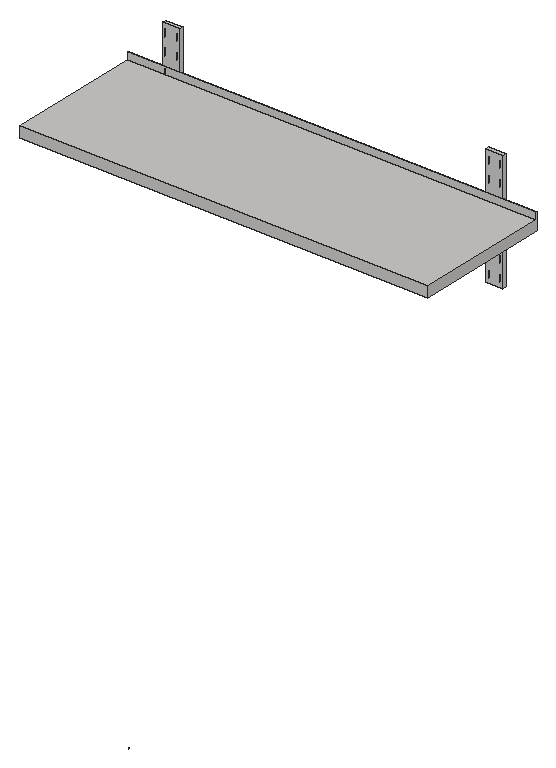
Revit family "QF_ELECTROLUXPROFESSIONAL_134149_GGWSS124", category Attrezzature speciali, Revit 2020
Family settings
  Quota connettore circolare = Usa diametro
  Tipo di parte = Normale
  Basato su piano di lavoro = No
  Sempre verticale = Sì
  Taglio con vuoti quando caricato = No
  Condiviso = No
  Punto di calcolo locali = No
Parameters (values of type "Standard")
  Weight = 7.00 kg
  Watts = 0 W
  Volts = 0 V
  URL Manufacturer = "https://www.electroluxprofessional.com/"
  URL = "https://www.electroluxprofessional.com/"
  Steam Supply Size = 0 mm
  Steam Supply Minimum Pressure = 0.0 Pa
  Steam Supply Maximum Pressure = 0.0 Pa
  Steam Consumption per Hour = 0
  Refrigeration Suction Line Size = 0.0 mm
  Refrigeration Liquid Line Size = 0.0 mm
  Refrigerant Compressor Remote = yes
  Prospetto di default = 0.0 mm
  Phase = 0
  Modello = "GGWSS124"
  Produttore = "Electrolux Professional"
  Length Actual = 1200.0 mm  # constant formula
  Item Number = "134149"
  Hot Water Size = 0 mm
  Height Actual = 350.0 mm  # constant formula
  HP = "0 HP"
  Gas Size = 0 mm
  Gas KW = 0
  Gas Input Pressure = 0 W
  Direct Waste Size = 0 mm
  Descrizione = "SOLID WALL SHELF WITH BRACKETS 1200 MM"
  Depth Actual = 415.0 mm  # constant formula
  Cycle = 0 Hz
  Condensate Return Size = 0 mm
  Compressed Air Volume = 0.0 L/s
  Compressed Air Size = 0 mm
  Compressed Air Pressure = 0.0 Pa
  Cold Water Size = 0 mm
  Accessory = yes
Reference planes
  plane 1 "Center (Front/Back)": y = 0
  plane 2: z = 0
  plane 3 "Center (Left/Right)": x = 0
  plane 4 "LEFT": x = -600
  plane 5 "RIGHT": x = 600
  plane 6 "BACK": y = 65
  plane 7 "FRONT": y = -350
  plane 8 "TOP": z = 1948
  plane 9 "base": z = 1598
  plane 10 "Ztop": z = 1815
  plane 11: x = -500
  plane 12: x = 500
Forms (mm)
  Extrusion 1, solid, material "QF_Finishes_Stainless Steel"
    sketch origin (0, 0, 0) x (0, 1, 0) y (0, 0, 1)
      loop
        line (53, 1785) -> (53, 1835) -> (51, 1835) -> (51, 1815) -> (-347.004, 1815) -> (-347.004, 1785) -> (53, 1785)
    from 600 to -600
  Extrusion 2, solid, material "QF_Finishes_Stainless Steel"
    sketch origin (0, 0, 0) x (1, 0, 0) y (0, 1, 0)
      loop
        line (-600, 53) -> (-600, 52) -> (-598.993, 52) -> (-598.993, 53) -> (-600, 53)
    from 0 to 1
Lines and regions (mm)
  symbolic lines
    curve 1: line (-600, 53, 1948) -> (-600, -347.004, 1948)
    curve 2: line (600, 53, 1948) -> (600, -347.004, 1948)
    curve 3: line (-600, 51, 1948) -> (600, 51, 1948)
    curve 4: line (600, 53, 1948) -> (-600, 53, 1948)
    curve 5: line (-600, -347.004, 1948) -> (600, -347.004, 1948)
Dimensions and locks
  plane 4 "LEFT" to plane 5 "RIGHT" = 1200.0 mm
  equal spacing: plane 4 "LEFT", plane 3 "Center (Left/Right)", plane 5 "RIGHT"
  plane 6 "BACK" to plane 7 "FRONT" = 415.0 mm
  plane 6 "BACK" to plane 1 "Center (Front/Back)" to plane 7 "FRONT" = 65.0 mm, 350.0 mm
  locked: plane 8 "TOP" to plane 9 "base" at 350
  plane 10 "Ztop" to level = 1815.0 mm
  locked: plane 10 "Ztop" to plane 8 "TOP" at 133
  locked: plane 11 to plane 4 "LEFT" at 100
  locked: plane 5 "RIGHT" to plane 12 at 100
  aligned and locked: level to plane 2
  aligned and locked: Extrusion 1 to plane 4 "LEFT"
  aligned and locked: plane 5 "RIGHT" to Extrusion 1
  aligned and locked: nested 1 to plane 11
  aligned and locked: plane 12 to nested 2
  aligned and locked: curve 3 to Extrusion 1
  aligned and locked: curve 4 to Extrusion 1
  aligned and locked: curve 5 to Extrusion 1
Automatic sketch dimensions
  plane 7 "FRONT" to Extrusion 1 sketch curve = 2.996 mm
  plane 10 "Ztop" to Extrusion 1 sketch curve = 30.0 mm
  Extrusion 1 sketch curve to plane 10 "Ztop" = 20.0 mm
  Extrusion 1 sketch curve to Extrusion 1 sketch curve = 2.0 mm
  plane 10 "Ztop" to Extrusion 1 sketch curve = 0.0 mm
  Extrusion 1 sketch curve to plane 6 "BACK" = 12.0 mm
  curve 2 to plane 5 "RIGHT" = 0.0 mm
  curve 1 to plane 4 "LEFT" = 0.0 mm
  Extrusion 2 sketch curve to plane 4 "LEFT" = 0.0 mm
  plane 4 "LEFT" to Extrusion 2 sketch curve = 1.007 mm
  Extrusion 2 sketch curve to plane 6 "BACK" = 13.0 mm
  Extrusion 2 sketch curve to Extrusion 2 sketch curve = 1.0 mm
Nested families
  nested 1: "WT_Staffa_H350" at (-485.291, -40.275, 1598), type "WT_Staffa_H350"
    with Type Mark "", Status "", Specification by User "", Revision Code "", Installed By "", Identify Quantity as Lot yes, Furnished By "", Foodservice Equipment Identifier yes
  nested 2: "WT_Staffa_H350" at (465.709, -40.275, 1598), type "WT_Staffa_H350"
    with Type Mark "", Status "", Specification by User "", Revision Code "", Installed By "", Identify Quantity as Lot yes, Furnished By "", Foodservice Equipment Identifier yes
Definition of nested family "WT_Staffa_H350"
  Parameters
    Width = 49.0 mm
    Weight = ""
    URL Manufacturer = ""
    URL Cutsheet = ""
    URL = ""
    Type Mark [instance] = ""
    Status [instance] = ""
    Specification by User [instance] = ""
    Specification by Manufacturer = ""
    Serial Number = ""
    Seismic Rating = ""
    SMACNA No = ""
    Revision Code [instance] = ""
    Default Elevation = 0.0 mm
    Omniclass Number and Title = ""
    NAFEM Spec ID Number = ""
    Model = ""
    MasterSpec. = ""
    Manufacturer = ""
    Installed By [instance] = ""
    Identify Quantity as Lot [instance] = yes
    Height = 350.0 mm
    Furnished By [instance] = ""
    Foodservice Equipment Identifier [instance] = yes
    Description = ""
    Depth = 415.0 mm
    CSI MasterFormat = ""
    CSI Master Format = ""
    Assembly Code = ""
  Reference planes
    plane 1: z = 0
    plane 2 "Center (Front/Back)": y = -102.225
    plane 3 "Center (Left/Right)": x = 9.791
    plane 4 "TOP": z = 350
    plane 5 "Back": y = 105.275
    plane 6 "Front": y = -309.725
    plane 7: x = -14.709
    plane 8: x = 34.291
  Forms (mm)
    Extrusion 1, solid
      sketch origin (0, 105.275, 0) x (0, 0, 1) y (-1, 0, 0)
        loop
          line (350, 14.709) -> (0, 14.709) -> (0, -34.291) -> (350, -34.291) -> (350, 14.709)
        loop
          line (335.5, 7.709) -> (315.5, 7.709) -> (315.5, 5.709) -> (335.5, 5.709) -> (335.5, 7.709)
        loop
          line (335.5, -25.291) -> (315.5, -25.291) -> (315.5, -27.291) -> (335.5, -27.291) -> (335.5, -25.291)
        loop
          line (285.333, 7.709) -> (265.333, 7.709) -> (265.333, 5.709) -> (285.333, 5.709) -> (285.333, 7.709)
        loop
          line (285.333, -25.291) -> (265.333, -25.291) -> (265.333, -27.291) -> (285.333, -27.291) -> (285.333, -25.291)
        loop
          line (235.167, 7.709) -> (215.167, 7.709) -> (215.167, 5.709) -> (235.167, 5.709) -> (235.167, 7.709)
        loop
          line (235.167, -25.291) -> (215.167, -25.291) -> (215.167, -27.291) -> (235.167, -27.291) -> (235.167, -25.291)
        loop
          line (185, 7.709) -> (165, 7.709) -> (165, 5.709) -> (185, 5.709) -> (185, 7.709)
        loop
          line (185, -25.291) -> (165, -25.291) -> (165, -27.291) -> (185, -27.291) -> (185, -25.291)
        loop
          line (134.833, 7.709) -> (114.833, 7.709) -> (114.833, 5.709) -> (134.833, 5.709) -> (134.833, 7.709)
        loop
          line (134.833, -25.291) -> (114.833, -25.291) -> (114.833, -27.291) -> (134.833, -27.291) -> (134.833, -25.291)
        loop
          line (34.5, 7.709) -> (14.5, 7.709) -> (14.5, 5.709) -> (34.5, 5.709) -> (34.5, 7.709)
        loop
          line (34.5, -25.291) -> (14.5, -25.291) -> (14.5, -27.291) -> (34.5, -27.291) -> (34.5, -25.291)
        loop
          line (84.667, 7.709) -> (64.667, 7.709) -> (64.667, 5.709) -> (84.667, 5.709) -> (84.667, 7.709)
        loop
          line (84.667, -25.291) -> (64.667, -25.291) -> (64.667, -27.291) -> (84.667, -27.291) -> (84.667, -25.291)
      from 0 to 12
    Extrusion 2, solid
      sketch origin (9.791, 0, 0) x (0, 1, 0) y (0, 0, 1)
        loop
          line (-283.619, 186) -> (93.275, 123.5) -> (93.275, 186) -> (-283.619, 186)
      from -24.5 to 24.5
  Lines and regions (mm)
    symbolic lines
      curve 1: line (-14.709, 105.275, 0) -> (34.291, 105.275, 0)
      curve 2: line (34.291, 105.275, 0) -> (34.291, 93.275, 0)
      curve 3: line (34.291, 93.275, 0) -> (-14.709, 93.275, 0)
      curve 4: line (-14.709, 93.275, 0) -> (-14.709, 105.275, 0)
  Dimensions and locks
    "Height": plane 4 "TOP" to level
    equal spacing: plane 5 "Back", plane 2 "Center (Front/Back)", plane 6 "Front"
    "Depth": plane 5 "Back" to plane 6 "Front"
    equal spacing: plane 8, plane 3 "Center (Left/Right)", plane 7
    "Width": plane 8 to plane 7
    aligned and locked: level to plane 1
    aligned and locked: Extrusion 2 to plane 7
    aligned and locked: plane 8 to Extrusion 2
  Automatic sketch dimensions
    Extrusion 1 sketch curve to level = 0.0 mm
    Extrusion 1 sketch curve to plane 4 "TOP" = 0.0 mm
    Extrusion 1 sketch curve to plane 8 = 0.0 mm
    Extrusion 1 sketch curve to plane 7 = 0.0 mm
    plane 7 to Extrusion 1 sketch curve = 7.0 mm  (x4)
    level to Extrusion 1 sketch curve = 14.5 mm  (x2)
    Extrusion 1 sketch curve to plane 8 = 7.0 mm  (x6)
    plane 7 to Extrusion 1 sketch curve = 9.0 mm  (x6)
    Extrusion 1 sketch curve to Extrusion 1 sketch curve = 20.0 mm  (x12)
    Extrusion 1 sketch curve to plane 8 = 9.0 mm  (x6)
    Extrusion 1 sketch curve to Extrusion 1 sketch curve = 30.167 mm  (x12)
    Extrusion 1 sketch curve to plane 4 "TOP" = 14.5 mm  (x2)
    Extrusion 1 sketch curve to Extrusion 1 sketch curve = 2.0 mm  (x6)
    Extrusion 2 sketch curve to plane 6 "Front" = 26.106 mm
    level to Extrusion 2 sketch curve = 123.5 mm
    Extrusion 2 sketch curve to plane 4 "TOP" = 164.0 mm
    plane 5 "Back" to Extrusion 2 sketch curve = 12.0 mm
    curve 3 to plane 7 = 0.0 mm
    plane 5 "Back" to curve 1 = 0.0 mm
    curve 3 to plane 8 = 0.0 mm
    curve 2 to curve 1 = 12.0 mm
